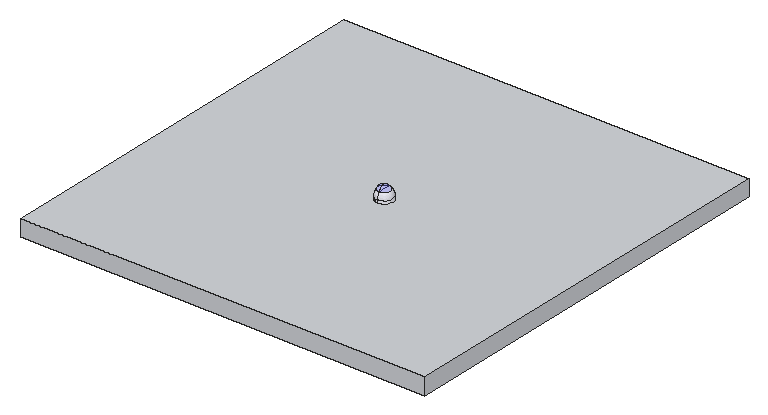
Revit family "BEG-92883", category Dispositifs d'éclairage, Revit 2015
Parameters
  Detection zone [instance] = yes
  Seat area [instance] = Height position < 351 cm  # yes
  URL = "http://www.luxomat.com/en-92883"
  Type of output = "KNX"
  Ambiant temperature = "-25°C to +50°C"
  Ref = "92883"
  Relay = "0"
  Height position [instance] = 250 cm
  Direct Range [instance] = Height position * 3.2  # 800 cm
  Transversal range [instance] = Height position * 9.6  # 2400 cm
  Modèle = "PD4-KNX-SM"
  Installation type = "Ceiling"
  Brand = "LUXOMAT"
  Image du type = 92580.jpg
  IP = "20"
  Mounting height max = Installation height max  # 350 cm
  Installation height max = 350 cm
  Fabricant = "B.E.G"
  Label [instance] = yes
  Default Elevation = 0 cm
  Consumption = "7mA"
  Commentaires du type = "Occupancy detector PD4-KNX-SM"
  Code d'assemblage = "D5010200"
  Class = "2"
  Switching power LED = "0"
  Switching power Cos ɸ =1 = "0"
  Switching power Cos ɸ =0.5 = "0"
  Power voltage = "24 V DC BUS"
  Seated activity [instance] = Height position * 2.56  # 640 cm
Reference planes (cm)
  plane 1 "Centre (avant/arrière)": y = 0
  plane 2: z = 0
  plane 3 "Centre (gauche/droite)": x = 0
Forms (cm)
  Extrusion 1, solid
    sketch origin (0, 0, 0) x (1, 0, 0) y (0, 1, 0)
      loop
        line (-121.92, 121.92) -> (-121.92, -121.92) -> (121.92, -121.92) -> (121.92, 121.92) -> (-121.92, 121.92)
    from 0 to -10
Dimensions and locks (cm)
  aligned and locked: plane 2 to Extrusion 1
  aligned and locked: level to Extrusion 1
  aligned and locked: nested 2 to plane 2
Nested families (cm)
  nested 1: "Famille1" at (0, -72.6659, 0) x (-1, 0, 0) z (0, 0, 1), reference <- "Ref", modele <- "Modèle", visible <- "Label", type "Famille1"
    with reference "92883", modele "PD4-KNX-SM"
  nested 2: "M14" at (0, 0, 0), type "Standard"
  nested 3: "zone H" at (0, 0, 0) x (-1, 0, 0) z (0, 0, 1), visible <- "Detection zone", biais <- "Transversal range", frontal <- "Direct Range", activité assise <- "Seated activity", Zone assise <- "Seat area", type "zone H"
    with position 2 320 cm, position 1 960 cm, frontal 800 cm, biais 2400 cm, activité assise 640 cm, Zone assise yes
  nested 4: "Plafond 360° 2D" at (0, 0, 0), type "Plafond 360° 2D"
Connectors (cm)
  electrical at (0, 0, 0)
    settings: on nested 2, index 1, voltage 24 V, apparent load 0 VA, apparent load phase1 0 VA, apparent load phase2 0 VA, apparent load phase3 0 VA, power factor 1, load classification "Eclairage", number of poles 1, system type 31, power factor state 1, is connector primary yes, connector utility no, sub classification motor no, connector description ""
Definition of nested family "M14"
  Reference planes (cm)
    plane 1 "Centre (avant/arrière)": y = 0
    plane 2: z = 0
    plane 3 "Centre (gauche/droite)": x = 0
    plane 4: x = 0
  Forms (cm)
    Revolve 1, solid
      sketch origin (0, 0, 0) x (0, -1, 0) y (0, 0, 1)
        loop
          line (0, 0) -> (0, 5) -> (-3.8, 5)
          arc (-3.8, 5) -> (-4.577, 3.2225) -> (-4.8363, 1.3) r 7
          line (-4.8363, 1.3) -> (-4.9363, 1.3) -> (-5.05, 0) -> (0, 0)
        axis (0, 0) -> (0, 5)
      angle from 0 to 360
    Revolve 2, solid
      sketch origin (0, 0, 0) x (0, -1, 0) y (0, 0, 1)
        loop
          arc (0, 7.6) -> (-2.2816, 6.8864) -> (-3.75, 5) r 4.0043
          line (-3.75, 5) -> (0, 5) -> (0, 7.6)
        axis (0, 5) -> (0, 7.6)
      angle from 0 to 360
  Lines and regions (cm)
    reference lines
      curve 1: line (0, 0, 0) -> (0, 0, 7.6)
      curve 2: line (0, 0, 5) -> (0, 3.8, 5)
      curve 3: arc (0, 3.8, 5) -> (0, 4.577, 3.2225) -> (0, 4.8363, 1.3) r 7
      curve 4: line (0, 4.9363, 1.3) -> (0, 4.8363, 1.3)
      curve 5: line (0, 5.05, 0) -> (0, 4.9363, 1.3)
      curve 6: line (0, 0, 0) -> (0, 5.05, 0)
      curve 7: arc (0, 0, 7.6) -> (0, 2.2816, 6.8864) -> (0, 3.75, 5) r 4.0043
      curve 8: line (0, 3.75, 5) -> (0, 0, 5)
      curve 9: line (0, 0, 7.6) -> (0, 0, 5)
      curve 10: line (0, 0, 0) -> (0, 0, 7.6)
  Dimensions and locks (cm)
    aligned and locked: level to plane 2
    aligned and locked: Revolve 1 sketch curve to curve 1  (x2)
    aligned and locked: Revolve 1 sketch curve to curve 2
    aligned and locked: Revolve 1 sketch curve to curve 3
    aligned and locked: Revolve 1 sketch curve to curve 4
    aligned and locked: Revolve 1 sketch curve to curve 5
    aligned and locked: Revolve 1 sketch curve to curve 6
    aligned and locked: Revolve 2 sketch curve to curve 7
    aligned and locked: Revolve 2 sketch curve to curve 8
    aligned and locked: Revolve 2 sketch curve to curve 9
    aligned and locked: Revolve 2 sketch curve to curve 10
Definition of nested family "Famille1"
  Parameters (values of type "Famille1")
    reference [instance] = ""
    modele [instance] = ""
  Reference planes (cm)
    plane 1: y = 0
    plane 2: x = 0
  Text (cm)
    label "reference\n\nmodele" at (0.0074, 0.0451, 0), shows "reference", "modele"
Definition of nested family "zone H"
  Parameters (values of type "zone H")
    position 2 [instance] = (frontal / 2) * 0.8  # 320 cm
    position 1 [instance] = (biais / 2) * 0.8  # 960 cm
    frontal [instance] = 800 cm
    biais [instance] = 2400 cm
    activité assise [instance] = 640 cm
    Zone assise [instance] = yes
  Reference planes (cm)
    plane 1 "Centre (avant/arrière)": y = 0
    plane 2: z = 0
    plane 3 "Centre (gauche/droite)": x = 0
    plane 4: x = -960
    plane 5: y = -320
  Lines and regions (cm)
    detail lines, in view "Niveau de réf.", visible <- "Zone assise"
      curve 1: circle (0, 0, 0) r 320 normal (0, 0, 1)
      curve 4: spline (-105.2767, 3.2118, 0) -> (-104.9106, 3.0586, 0) -> (-103.8375, 2.9158, 0) -> (-102.1303, 2.7932, 0) -> (-99.9055, 2.6991, 0) -> (-97.3146, 2.6399, 0) -> (-94.5343, 2.6198, 0) -> (-91.7539, 2.6399, 0) -> (-89.163, 2.6991, 0) -> (-86.9382, 2.7932, 0) -> (-85.231, 2.9158, 0) -> (-84.1579, 3.0586, 0) -> (-83.7918, 3.2118, 0) -> (-84.1579, 3.365, 0) -> (-85.231, 3.5078, 0) -> (-86.9382, 3.6305, 0) -> (-89.163, 3.7245, 0) -> (-91.7539, 3.7837, 0) -> (-94.5343, 3.8039, 0) -> (-97.3146, 3.7837, 0) -> (-99.9055, 3.7245, 0) -> (-102.1303, 3.6305, 0) -> (-103.8375, 3.5078, 0) -> (-104.9106, 3.365, 0) -> (-105.2767, 3.2118, 0)
      curve 5: line (-105.2767, 3.2118, 0) -> (-103.7271, 3.5181, 0)
      curve 6: arc (-102.6495, -16.5888, 0) -> (-107.2915, -17.186, 0) -> (-111.6311, -18.9388, 0) r 18.3388
      curve 7: arc (-111.6311, -18.9388, 0) -> (-111.6982, -19.0046, 0) -> (-111.7229, -19.0953, 0) r 0.1799
      curve 8: arc (-102.4571, -17.1805, 0) -> (-106.7473, -17.5804, 0) -> (-110.8538, -18.8852, 0) r 20.1051
      curve 9: arc (-110.8538, -18.8852, 0) -> (-111.0396, -18.979, 0) -> (-111.2122, -19.0953, 0) r 1.6679
      curve 10: circle (-111.4676, -19.8292, 0) r 0.5096 normal (0, 0, 1)
      curve 11: arc (-110.898, -19.8292, 0) -> (-111.4676, -19.2597, 0) -> (-112.0372, -19.8292, 0) r 0.5696
      curve 12: arc (-110.838, -19.8292, 0) -> (-111.4676, -19.1997, 0) -> (-112.0972, -19.8292, 0) r 0.6296
      curve 13: arc (-86.4191, -16.5888, 0) -> (-81.7771, -17.186, 0) -> (-77.4374, -18.9388, 0) r 18.3388
      curve 14: arc (-77.4374, -18.9388, 0) -> (-77.3704, -19.0046, 0) -> (-77.3456, -19.0953, 0) r 0.1799
      curve 15: arc (-86.6114, -17.1805, 0) -> (-82.3212, -17.5804, 0) -> (-78.2147, -18.8852, 0) r 20.1051
      curve 16: arc (-78.2147, -18.8852, 0) -> (-78.0289, -18.979, 0) -> (-77.8563, -19.0953, 0) r 1.6679
      curve 17: circle (-77.6009, -19.8292, 0) r 0.5096 normal (0, 0, 1)
      curve 18: arc (-77.0314, -19.8292, 0) -> (-77.6009, -19.2597, 0) -> (-78.1705, -19.8292, 0) r 0.5696
      curve 19: arc (-76.9714, -19.8292, 0) -> (-77.6009, -19.1997, 0) -> (-78.2305, -19.8292, 0) r 0.6296
      curve 20: arc (-95.2593, -16.5888, 0) -> (-98.9871, -17.441, 0) -> (-102.5056, -18.9388, 0) r 21.5424
      curve 21: arc (-102.5056, -18.9388, 0) -> (-102.5726, -19.0046, 0) -> (-102.5974, -19.0953, 0) r 0.1799
      curve 22: arc (-95.2593, -17.1805, 0) -> (-98.5536, -17.8061, 0) -> (-101.7283, -18.8852, 0) r 23.9713
      curve 23: arc (-101.7283, -18.8852, 0) -> (-101.911, -18.9772, 0) -> (-102.081, -19.0909, 0) r 1.6679
      curve 24: arc (-95.0229, -17.1805, 0) -> (-98.2689, -17.8294, 0) -> (-101.4063, -18.8852, 0) r 26.0219
      curve 25: arc (-101.4063, -18.8852, 0) -> (-101.592, -18.979, 0) -> (-101.7647, -19.0953, 0) r 1.6679
      curve 26: circle (-102.181, -19.8292, 0) r 0.5096 normal (0, 0, 1)
      curve 27: arc (-101.6114, -19.8292, 0) -> (-102.181, -19.2597, 0) -> (-102.7506, -19.8292, 0) r 0.5696
      curve 28: arc (-101.5514, -19.8292, 0) -> (-102.181, -19.1997, 0) -> (-102.8106, -19.8292, 0) r 0.6296
      curve 29: arc (-93.8092, -16.5888, 0) -> (-90.0814, -17.441, 0) -> (-86.5629, -18.9388, 0) r 21.5424
      curve 30: arc (-86.5629, -18.9388, 0) -> (-86.4959, -19.0046, 0) -> (-86.4711, -19.0953, 0) r 0.1799
      curve 31: arc (-93.8092, -17.1805, 0) -> (-90.5149, -17.8061, 0) -> (-87.3402, -18.8852, 0) r 23.9713
      curve 32: arc (-87.3402, -18.8852, 0) -> (-87.1544, -18.979, 0) -> (-86.9818, -19.0953, 0) r 1.6679
      curve 33: arc (-94.0457, -17.1805, 0) -> (-90.7996, -17.8294, 0) -> (-87.6622, -18.8852, 0) r 26.0219
      curve 34: arc (-87.6622, -18.8852, 0) -> (-87.4765, -18.979, 0) -> (-87.3039, -19.0953, 0) r 1.6679
      curve 35: circle (-86.8875, -19.8292, 0) r 0.5096 normal (0, 0, 1)
      curve 36: arc (-86.3179, -19.8292, 0) -> (-86.8875, -19.2597, 0) -> (-87.4571, -19.8292, 0) r 0.5696
      curve 37: arc (-86.2579, -19.8292, 0) -> (-86.8875, -19.1997, 0) -> (-87.5171, -19.8292, 0) r 0.6296
      curve 38: arc (-103.0079, 8.8705, 0) -> (-101.8776, 5.8173, 0) -> (-98.8653, 4.5819, 0) r 4.0512
      curve 39: arc (-83.7186, 4.2269, 0) -> (-82.9538, 3.7817, 0) -> (-82.7946, 2.9112, 0) r 1.0582
      curve 40: arc (-82.7946, 2.9112, 0) -> (-84.0889, -6.227, 0) -> (-84.0703, -15.4564, 0) r 64.7189
      curve 41: arc (-84.0703, -15.4564, 0) -> (-83.933, -16.0031, 0) -> (-83.4527, -16.2981, 0) r 0.7467
      curve 42: arc (-83.4527, -16.2981, 0) -> (-80.3714, -16.8717, 0) -> (-77.238, -16.9405, 0) r 19.3577
      curve 43: arc (-77.238, -16.9405, 0) -> (-77.6363, -16.4391, 0) -> (-78.2461, -16.244, 0) r 1.1013
      curve 44: arc (-78.2461, -16.244, 0) -> (-80.4274, -15.8096, 0) -> (-82.5587, -15.1742, 0) r 23.8747
      curve 45: arc (-82.5587, -15.1742, 0) -> (-81.6045, -6.5488, 0) -> (-80.848, 2.0961, 0) r 379.1961
      curve 46: arc (-80.848, 2.0961, 0) -> (-81.0708, 4.8418, 0) -> (-83.0581, 6.7494, 0) r 3.8846
      curve 47: arc (-83.0581, 6.7494, 0) -> (-89.2141, 8.8147, 0) -> (-95.6542, 9.6431, 0) r 33.2193
      curve 48: arc (-95.6542, 9.6431, 0) -> (-94.8516, 17.305, 0) -> (-94.8609, 25.0089, 0) r 72.9952
      curve 49: arc (-95.1116, 28.28, 0) -> (-95.2196, 29.2958, 0) -> (-95.3418, 30.31, 0) r 72.9952
      curve 50: arc (-98.1747, 30.0752, 0) -> (-100.3426, 29.2913, 0) -> (-99.4886, 27.1501, 0) r 1.6042
      curve 51: arc (-95.3418, 30.31, 0) -> (-98.7298, 32.2574, 0) -> (-102.1179, 30.31, 0) r 3.9209
      curve 52: arc (-68.8418, 20.3177, 0) -> (-68.8537, 20.2265, 0) -> (-68.9411, 20.2549, 0) r 0.0597
      curve 53: arc (-70.9776, 20.5408, 0) -> (-70.9496, 20.3832, 0) -> (-71.1082, 20.3621, 0) r 0.1108
      curve 54: spline (-98.8908, 41.6409, 0) -> (-97.9793, 41.5103, 0) -> (-97.1229, 41.0855, 0) -> (-96.38, 40.3954, 0) -> (-95.8012, 39.4871, 0) -> (-95.426, 38.4224, 0) -> (-95.2799, 37.274, 0) -> (-95.3728, 36.12, 0) -> (-95.6985, 35.0392, 0) -> (-96.2348, 34.1051, 0) -> (-96.945, 33.3815, 0) -> (-97.7809, 32.9176, 0) -> (-98.6854, 32.7451, 0) -> (-99.5969, 32.8757, 0) -> (-100.4532, 33.3005, 0) -> (-101.1961, 33.9906, 0) -> (-101.7749, 34.8989, 0) -> (-102.1502, 35.9636, 0) -> (-102.2963, 37.112, 0) -> (-102.2033, 38.266, 0) -> (-101.8776, 39.3468, 0) -> (-101.3414, 40.2809, 0) -> (-100.6311, 41.0045, 0) -> (-99.7953, 41.4684, 0) -> (-98.8908, 41.6409, 0)
      curve 55: line (-74.1608, -20.3388, 0) -> (-33.3759, -20.3388, 0)
      curve 56: line (-33.3759, -20.3388, 0) -> (-33.3759, 18.6681, 0)
      curve 57: line (-33.3759, 18.6681, 0) -> (-74.1608, 18.6681, 0)
      curve 58: line (-74.1608, 18.6681, 0) -> (-74.1608, -20.3388, 0)
      curve 59: line (-74.1608, -20.3388, 0) -> (-120.7181, -20.3388, 0)
      curve 60: line (-80.1025, 18.6681, 0) -> (-27.4342, 18.6681, 0)
      curve 61: line (-27.4342, 18.6681, 0) -> (-27.4342, 20.1345, 0)
      curve 62: line (-27.4342, 20.1345, 0) -> (-80.1025, 20.1345, 0)
      curve 63: line (-80.1025, 20.1345, 0) -> (-80.1025, 18.6681, 0)
      curve 64: line (-95.5223, 2.6198, 0) -> (-93.5462, 2.6198, 0)
      curve 65: line (-93.5462, 2.6198, 0) -> (-93.5462, -16.5888, 0)
      curve 66: line (-93.5462, -16.5888, 0) -> (-95.5223, -16.5888, 0)
      curve 67: line (-95.5223, -16.5888, 0) -> (-95.5223, 2.6198, 0)
      curve 68: line (-95.5223, -16.5888, 0) -> (-102.6495, -16.5888, 0)
      curve 69: line (-111.7229, -19.0953, 0) -> (-111.2122, -19.0953, 0)
      curve 70: line (-93.8092, -16.5888, 0) -> (-94.0457, -17.1805, 0)
      curve 71: line (-94.0457, -17.1805, 0) -> (-93.8092, -17.1805, 0)
      curve 72: line (-93.8092, -17.1805, 0) -> (-94.5343, -17.1805, 0)
      curve 73: line (-94.5343, -17.1805, 0) -> (-95.2593, -17.1805, 0)
      curve 74: line (-95.2593, -17.1805, 0) -> (-95.0229, -17.1805, 0)
      curve 75: line (-95.0229, -17.1805, 0) -> (-95.2593, -16.5888, 0)
      curve 76: line (-98.1226, -17.1805, 0) -> (-102.4571, -17.1805, 0)
      curve 77: line (-112.0372, -19.8292, 0) -> (-112.0972, -19.8292, 0)
      curve 78: line (-110.898, -19.8292, 0) -> (-110.838, -19.8292, 0)
      curve 79: line (-111.3676, -19.2076, 0) -> (-111.3676, -19.0953, 0)
      curve 80: line (-111.5676, -19.2076, 0) -> (-111.5676, -19.0953, 0)
      curve 81: line (-93.5462, -16.5888, 0) -> (-86.4191, -16.5888, 0)
      curve 82: line (-77.3456, -19.0953, 0) -> (-77.8563, -19.0953, 0)
      curve 83: line (-90.9459, -17.1805, 0) -> (-86.6114, -17.1805, 0)
      curve 84: line (-77.0314, -19.8292, 0) -> (-76.9714, -19.8292, 0)
      curve 85: line (-78.1705, -19.8292, 0) -> (-78.2305, -19.8292, 0)
      curve 86: line (-77.7009, -19.2076, 0) -> (-77.7009, -19.0953, 0)
      curve 87: line (-77.5009, -19.2076, 0) -> (-77.5009, -19.0953, 0)
      curve 88: line (-102.5974, -19.0953, 0) -> (-101.7647, -19.0953, 0)
      curve 89: line (-102.7506, -19.8292, 0) -> (-102.8106, -19.8292, 0)
      curve 90: line (-101.6114, -19.8292, 0) -> (-101.5514, -19.8292, 0)
      curve 91: line (-102.081, -19.2076, 0) -> (-102.081, -19.0909, 0)
      curve 92: line (-102.281, -19.2076, 0) -> (-102.281, -19.0953, 0)
      curve 93: line (-86.4711, -19.0953, 0) -> (-87.3039, -19.0953, 0)
      curve 94: line (-86.3179, -19.8292, 0) -> (-86.2579, -19.8292, 0)
      curve 95: line (-87.4571, -19.8292, 0) -> (-87.5171, -19.8292, 0)
      curve 96: line (-86.9875, -19.2076, 0) -> (-86.9875, -19.0953, 0)
      curve 97: line (-86.7875, -19.2076, 0) -> (-86.7875, -19.0953, 0)
      curve 98: line (-98.8653, 4.5819, 0) -> (-83.7186, 4.2269, 0)
      curve 99: line (-103.0079, 8.8705, 0) -> (-102.1179, 30.31, 0)
      curve 100: line (-98.1747, 30.0752, 0) -> (-85.3255, 22.5448, 0)
      curve 101: line (-85.3255, 22.5448, 0) -> (-74.2929, 21.667, 0)
      curve 102: line (-74.2929, 21.667, 0) -> (-71.6033, 21.7219, 0)
      curve 103: line (-71.6033, 21.7219, 0) -> (-69.7371, 21.2829, 0)
      curve 104: line (-69.7371, 21.2829, 0) -> (-68.8418, 20.3177, 0)
      curve 105: line (-68.9411, 20.2549, 0) -> (-69.7808, 21.0896, 0)
      curve 106: line (-69.7808, 21.0896, 0) -> (-71.6115, 21.2989, 0)
      curve 107: line (-71.6115, 21.2989, 0) -> (-72.0159, 21.0248, 0)
      curve 108: line (-72.0159, 21.0248, 0) -> (-70.9776, 20.5408, 0)
      curve 109: line (-71.1082, 20.3621, 0) -> (-72.6656, 20.8949, 0)
      curve 110: line (-72.6656, 20.8949, 0) -> (-74.496, 20.6558, 0)
      curve 111: line (-74.496, 20.6558, 0) -> (-86.0144, 20.9158, 0)
      curve 112: line (-86.0144, 20.9158, 0) -> (-99.4886, 27.1501, 0)
      curve 113: line (-99.8644, 32.9741, 0) -> (-99.9944, 32.0479, 0)
      curve 114: line (-97.5142, 33.0301, 0) -> (-97.3718, 32.0147, 0)
      curve 115: line (-33.3759, -20.3388, 0) -> (-21.8014, -20.3388, 0)
    detail lines, in view "Niveau de réf."
      curve 2: circle (0, 0, 0) r 400 normal (0, 0, 1)
      curve 3: circle (0, 0, 0) r 1200 normal (0, 0, 1)
      curve 116: spline (2.3068, -347.7265, 0) -> (4.0856, -347.3949, 0) -> (5.7432, -346.4226, 0) -> (7.1667, -344.876, 0) -> (8.2589, -342.8603, 0) -> (8.9455, -340.5131, 0) -> (9.1797, -337.9942, 0) -> (8.9455, -335.4753, 0) -> (8.2589, -333.1281, 0) -> (7.1667, -331.1125, 0) -> (5.7432, -329.5658, 0) -> (4.0856, -328.5936, 0) -> (2.3068, -328.262, 0) -> (0.5279, -328.5936, 0) -> (-1.1297, -329.5658, 0) -> (-2.5531, -331.1125, 0) -> (-3.6453, -333.1281, 0) -> (-4.3319, -335.4753, 0) -> (-4.5661, -337.9942, 0) -> (-4.3319, -340.5131, 0) -> (-3.6453, -342.8603, 0) -> (-2.5531, -344.876, 0) -> (-1.1297, -346.4226, 0) -> (0.5279, -347.3949, 0) -> (2.3068, -347.7265, 0)
      curve 117: line (-4.7649, -335.0929, 0) -> (0.5136, -347.9212, 0)
      curve 118: line (3.5648, -348.0775, 0) -> (9.2455, -334.5266, 0)
      curve 119: line (-0.3759, -328.4588, 0) -> (-3.0011, -330.8806, 0)
      curve 120: line (3.5053, -348.5045, 0) -> (6.62, -348.3756, 0)
      curve 121: line (1.7304, -348.3525, 0) -> (3.5053, -348.5045, 0)
      curve 122: line (-4.7649, -335.0929, 0) -> (0.5136, -347.9212, 0)
      curve 123: line (-21.1936, -335.3894, 0) -> (-24.4202, -337.3623, 0)
      curve 124: line (-21.1936, -335.3894, 0) -> (-24.4202, -337.3623, 0)
      curve 125: line (-0.3759, -328.4588, 0) -> (-3.0011, -330.8806, 0)
      curve 126: line (1.7304, -348.3525, 0) -> (6.62, -348.3756, 0)
      curve 127: line (3.5648, -348.0775, 0) -> (9.2455, -334.5266, 0)
      curve 128: line (0, -320, 0) -> (0, -289.0788, 0)
      curve 129: line (0, -289.0788, 0) -> (0, -280.7814, 0)
      curve 130: spline (-957.6932, -27.7265, 0) -> (-955.9144, -27.3949, 0) -> (-954.2568, -26.4226, 0) -> (-952.8333, -24.876, 0) -> (-951.7411, -22.8603, 0) -> (-951.0545, -20.5131, 0) -> (-950.8203, -17.9942, 0) -> (-951.0545, -15.4753, 0) -> (-951.7411, -13.1281, 0) -> (-952.8333, -11.1125, 0) -> (-954.2568, -9.5658, 0) -> (-955.9144, -8.5936, 0) -> (-957.6932, -8.262, 0) -> (-959.4721, -8.5936, 0) -> (-961.1297, -9.5658, 0) -> (-962.5531, -11.1125, 0) -> (-963.6453, -13.1281, 0) -> (-964.3319, -15.4753, 0) -> (-964.5661, -17.9942, 0) -> (-964.3319, -20.5131, 0) -> (-963.6453, -22.8603, 0) -> (-962.5531, -24.876, 0) -> (-961.1297, -26.4226, 0) -> (-959.4721, -27.3949, 0) -> (-957.6932, -27.7265, 0)
      curve 131: line (-964.7649, -15.0929, 0) -> (-959.4864, -27.9212, 0)
      curve 132: line (-956.4352, -28.0775, 0) -> (-950.7545, -14.5266, 0)
      curve 133: line (-960.3759, -8.4588, 0) -> (-963.0011, -10.8806, 0)
      curve 134: line (-956.4947, -28.5045, 0) -> (-953.38, -28.3756, 0)
      curve 135: line (-958.2696, -28.3525, 0) -> (-956.4947, -28.5045, 0)
      curve 136: line (-964.7649, -15.0929, 0) -> (-959.4864, -27.9212, 0)
      curve 137: line (-981.1936, -15.3894, 0) -> (-984.4202, -17.3623, 0)
      curve 138: line (-981.1936, -15.3894, 0) -> (-984.4202, -17.3623, 0)
      curve 139: line (-960.3759, -8.4588, 0) -> (-963.0011, -10.8806, 0)
      curve 140: line (-958.2696, -28.3525, 0) -> (-953.38, -28.3756, 0)
      curve 141: line (-956.4352, -28.0775, 0) -> (-950.7545, -14.5266, 0)
      curve 142: line (-960, 0, 0) -> (-960, 30.9212, 0)
      curve 143: line (-960, 30.9212, 0) -> (-960, 39.2186, 0)
    detail lines, in view "Niveau de réf.", visible <- "Zone assise", not visible
      curve 144: spline (925.976, -22.5654, 0) -> (926.342, -22.7186, 0) -> (927.4152, -22.8614, 0) -> (929.1224, -22.984, 0) -> (931.3472, -23.0781, 0) -> (933.938, -23.1373, 0) -> (936.7184, -23.1574, 0) -> (939.4987, -23.1373, 0) -> (942.0896, -23.0781, 0) -> (944.3144, -22.984, 0) -> (946.0216, -22.8614, 0) -> (947.0948, -22.7186, 0) -> (947.4608, -22.5654, 0) -> (947.0948, -22.4122, 0) -> (946.0216, -22.2694, 0) -> (944.3144, -22.1467, 0) -> (942.0896, -22.0527, 0) -> (939.4987, -21.9935, 0) -> (936.7184, -21.9733, 0) -> (933.938, -21.9935, 0) -> (931.3472, -22.0527, 0) -> (929.1224, -22.1467, 0) -> (927.4152, -22.2694, 0) -> (926.342, -22.4122, 0) -> (925.976, -22.5654, 0)
      curve 145: line (925.976, -22.5654, 0) -> (927.5256, -22.2591, 0)
      curve 146: arc (928.6032, -42.366, 0) -> (923.9612, -42.9632, 0) -> (919.6215, -44.716, 0) r 18.3388
      curve 147: arc (919.6215, -44.716, 0) -> (919.5545, -44.7818, 0) -> (919.5297, -44.8725, 0) r 0.1799
      curve 148: arc (928.7956, -42.9577, 0) -> (924.5053, -43.3576, 0) -> (920.3988, -44.6624, 0) r 20.1051
      curve 149: arc (920.3988, -44.6624, 0) -> (920.213, -44.7562, 0) -> (920.0404, -44.8725, 0) r 1.6679
      curve 150: circle (919.7851, -45.6065, 0) r 0.5096 normal (0, 0, 1)
      curve 151: arc (920.3547, -45.6065, 0) -> (919.7851, -45.0369, 0) -> (919.2155, -45.6065, 0) r 0.5696
      curve 152: arc (920.4147, -45.6065, 0) -> (919.7851, -44.9769, 0) -> (919.1555, -45.6065, 0) r 0.6296
      curve 153: arc (944.8336, -42.366, 0) -> (949.4756, -42.9632, 0) -> (953.8152, -44.716, 0) r 18.3388
      curve 154: arc (953.8152, -44.716, 0) -> (953.8823, -44.7818, 0) -> (953.907, -44.8725, 0) r 0.1799
      curve 155: arc (944.6412, -42.9577, 0) -> (948.9315, -43.3576, 0) -> (953.038, -44.6624, 0) r 20.1051
      curve 156: arc (953.038, -44.6624, 0) -> (953.2237, -44.7562, 0) -> (953.3964, -44.8725, 0) r 1.6679
      curve 157: circle (953.6517, -45.6065, 0) r 0.5096 normal (0, 0, 1)
      curve 158: arc (954.2213, -45.6065, 0) -> (953.6517, -45.0369, 0) -> (953.0821, -45.6065, 0) r 0.5696
      curve 159: arc (954.2813, -45.6065, 0) -> (953.6517, -44.9769, 0) -> (953.0221, -45.6065, 0) r 0.6296
      curve 160: arc (935.9933, -42.366, 0) -> (932.2655, -43.2182, 0) -> (928.7471, -44.716, 0) r 21.5424
      curve 161: arc (928.7471, -44.716, 0) -> (928.68, -44.7818, 0) -> (928.6553, -44.8725, 0) r 0.1799
      curve 162: arc (935.9933, -42.9577, 0) -> (932.6991, -43.5833, 0) -> (929.5243, -44.6624, 0) r 23.9713
      curve 163: arc (929.5243, -44.6624, 0) -> (929.3417, -44.7544, 0) -> (929.1716, -44.8681, 0) r 1.6679
      curve 164: arc (936.2298, -42.9577, 0) -> (932.9838, -43.6066, 0) -> (929.8464, -44.6624, 0) r 26.0219
      curve 165: arc (929.8464, -44.6624, 0) -> (929.6606, -44.7562, 0) -> (929.488, -44.8725, 0) r 1.6679
      curve 166: circle (929.0716, -45.6065, 0) r 0.5096 normal (0, 0, 1)
      curve 167: arc (929.6412, -45.6065, 0) -> (929.0716, -45.0369, 0) -> (928.502, -45.6065, 0) r 0.5696
      curve 168: arc (929.7012, -45.6065, 0) -> (929.0716, -44.9769, 0) -> (928.442, -45.6065, 0) r 0.6296
      curve 169: arc (937.4435, -42.366, 0) -> (941.1713, -43.2182, 0) -> (944.6897, -44.716, 0) r 21.5424
      curve 170: arc (944.6897, -44.716, 0) -> (944.7568, -44.7818, 0) -> (944.7815, -44.8725, 0) r 0.1799
      curve 171: arc (937.4435, -42.9577, 0) -> (940.7377, -43.5833, 0) -> (943.9124, -44.6624, 0) r 23.9713
      curve 172: arc (943.9124, -44.6624, 0) -> (944.0982, -44.7562, 0) -> (944.2708, -44.8725, 0) r 1.6679
      curve 173: arc (937.207, -42.9577, 0) -> (940.453, -43.6066, 0) -> (943.5904, -44.6624, 0) r 26.0219
      curve 174: arc (943.5904, -44.6624, 0) -> (943.7762, -44.7562, 0) -> (943.9488, -44.8725, 0) r 1.6679
      curve 175: circle (944.3651, -45.6065, 0) r 0.5096 normal (0, 0, 1)
      curve 176: arc (944.9347, -45.6065, 0) -> (944.3651, -45.0369, 0) -> (943.7956, -45.6065, 0) r 0.5696
      curve 177: arc (944.9947, -45.6065, 0) -> (944.3651, -44.9769, 0) -> (943.7356, -45.6065, 0) r 0.6296
      curve 178: arc (928.2447, -16.9067, 0) -> (929.3751, -19.9599, 0) -> (932.3873, -21.1953, 0) r 4.0512
      curve 179: arc (947.5341, -21.5503, 0) -> (948.2989, -21.9955, 0) -> (948.4581, -22.866, 0) r 1.0582
      curve 180: arc (948.4581, -22.866, 0) -> (947.1637, -32.0042, 0) -> (947.1824, -41.2336, 0) r 64.7189
      curve 181: arc (947.1824, -41.2336, 0) -> (947.3196, -41.7803, 0) -> (947.8, -42.0753, 0) r 0.7467
      curve 182: arc (947.8, -42.0753, 0) -> (950.8812, -42.6489, 0) -> (954.0146, -42.7177, 0) r 19.3577
      curve 183: arc (954.0146, -42.7177, 0) -> (953.6164, -42.2163, 0) -> (953.0065, -42.0212, 0) r 1.1013
      curve 184: arc (953.0065, -42.0212, 0) -> (950.8253, -41.5868, 0) -> (948.6939, -40.9514, 0) r 23.8747
      curve 185: arc (948.6939, -40.9514, 0) -> (949.6481, -32.326, 0) -> (950.4047, -23.6811, 0) r 379.1961
      curve 186: arc (950.4047, -23.6811, 0) -> (950.1819, -20.9354, 0) -> (948.1945, -19.0278, 0) r 3.8846
      curve 187: arc (948.1945, -19.0278, 0) -> (942.0386, -16.9625, 0) -> (935.5985, -16.1341, 0) r 33.2193
      curve 188: arc (935.5985, -16.1341, 0) -> (936.4011, -8.4722, 0) -> (936.3918, -0.7683, 0) r 72.9952
      curve 189: arc (936.1411, 2.5028, 0) -> (936.0331, 3.5186, 0) -> (935.9108, 4.5328, 0) r 72.9952
      curve 190: arc (933.0779, 4.298, 0) -> (930.9101, 3.5141, 0) -> (931.7641, 1.3729, 0) r 1.6042
      curve 191: arc (935.9108, 4.5328, 0) -> (932.5228, 6.4802, 0) -> (929.1348, 4.5328, 0) r 3.9209
      curve 192: arc (962.4108, -5.4595, 0) -> (962.3989, -5.5507, 0) -> (962.3115, -5.5223, 0) r 0.0597
      curve 193: arc (960.275, -5.2364, 0) -> (960.303, -5.394, 0) -> (960.1444, -5.4151, 0) r 0.1108
      curve 194: spline (932.3619, 15.8637, 0) -> (933.2734, 15.7331, 0) -> (934.1297, 15.3083, 0) -> (934.8726, 14.6182, 0) -> (935.4514, 13.7099, 0) -> (935.8267, 12.6452, 0) -> (935.9728, 11.4968, 0) -> (935.8798, 10.3428, 0) -> (935.5541, 9.262, 0) -> (935.0179, 8.3279, 0) -> (934.3076, 7.6043, 0) -> (933.4718, 7.1404, 0) -> (932.5673, 6.9679, 0) -> (931.6558, 7.0985, 0) -> (930.7994, 7.5233, 0) -> (930.0565, 8.2134, 0) -> (929.4777, 9.1217, 0) -> (929.1025, 10.1864, 0) -> (928.9564, 11.3348, 0) -> (929.0493, 12.4888, 0) -> (929.375, 13.5696, 0) -> (929.9113, 14.5037, 0) -> (930.6215, 15.2273, 0) -> (931.4574, 15.6912, 0) -> (932.3619, 15.8637, 0)
      curve 195: line (957.0918, -46.116, 0) -> (997.8768, -46.116, 0)
      curve 196: line (997.8768, -46.116, 0) -> (997.8768, -7.1091, 0)
      curve 197: line (997.8768, -7.1091, 0) -> (957.0918, -7.1091, 0)
      curve 198: line (957.0918, -7.1091, 0) -> (957.0918, -46.116, 0)
      curve 199: line (957.0918, -46.116, 0) -> (910.5345, -46.116, 0)
      curve 200: line (951.1501, -7.1091, 0) -> (1003.8185, -7.1091, 0)
      curve 201: line (1003.8185, -7.1091, 0) -> (1003.8185, -5.6427, 0)
      curve 202: line (1003.8185, -5.6427, 0) -> (951.1501, -5.6427, 0)
      curve 203: line (951.1501, -5.6427, 0) -> (951.1501, -7.1091, 0)
      curve 204: line (935.7304, -23.1574, 0) -> (937.7064, -23.1574, 0)
      curve 205: line (937.7064, -23.1574, 0) -> (937.7064, -42.366, 0)
      curve 206: line (937.7064, -42.366, 0) -> (935.7304, -42.366, 0)
      curve 207: line (935.7304, -42.366, 0) -> (935.7304, -23.1574, 0)
      curve 208: line (935.7304, -42.366, 0) -> (928.6032, -42.366, 0)
      curve 209: line (919.5297, -44.8725, 0) -> (920.0404, -44.8725, 0)
      curve 210: line (937.4435, -42.366, 0) -> (937.207, -42.9577, 0)
      curve 211: line (937.207, -42.9577, 0) -> (937.4435, -42.9577, 0)
      curve 212: line (937.4435, -42.9577, 0) -> (936.7184, -42.9577, 0)
      curve 213: line (936.7184, -42.9577, 0) -> (935.9933, -42.9577, 0)
      curve 214: line (935.9933, -42.9577, 0) -> (936.2298, -42.9577, 0)
      curve 215: line (936.2298, -42.9577, 0) -> (935.9933, -42.366, 0)
      curve 216: line (933.13, -42.9577, 0) -> (928.7956, -42.9577, 0)
      curve 217: line (919.2155, -45.6065, 0) -> (919.1555, -45.6065, 0)
      curve 218: line (920.3547, -45.6065, 0) -> (920.4147, -45.6065, 0)
      curve 219: line (919.8851, -44.9848, 0) -> (919.8851, -44.8725, 0)
      curve 220: line (919.6851, -44.9848, 0) -> (919.6851, -44.8725, 0)
      curve 221: line (937.7064, -42.366, 0) -> (944.8336, -42.366, 0)
      curve 222: line (953.907, -44.8725, 0) -> (953.3964, -44.8725, 0)
      curve 223: line (940.3068, -42.9577, 0) -> (944.6412, -42.9577, 0)
      curve 224: line (954.2213, -45.6065, 0) -> (954.2813, -45.6065, 0)
      curve 225: line (953.0821, -45.6065, 0) -> (953.0221, -45.6065, 0)
      curve 226: line (953.5517, -44.9848, 0) -> (953.5517, -44.8725, 0)
      curve 227: line (953.7517, -44.9848, 0) -> (953.7517, -44.8725, 0)
      curve 228: line (928.6553, -44.8725, 0) -> (929.488, -44.8725, 0)
      curve 229: line (928.502, -45.6065, 0) -> (928.442, -45.6065, 0)
      curve 230: line (929.6412, -45.6065, 0) -> (929.7012, -45.6065, 0)
      curve 231: line (929.1716, -44.9848, 0) -> (929.1716, -44.8681, 0)
      curve 232: line (928.9716, -44.9848, 0) -> (928.9716, -44.8725, 0)
      curve 233: line (944.7815, -44.8725, 0) -> (943.9488, -44.8725, 0)
      curve 234: line (944.9347, -45.6065, 0) -> (944.9947, -45.6065, 0)
      curve 235: line (943.7956, -45.6065, 0) -> (943.7356, -45.6065, 0)
      curve 236: line (944.2651, -44.9848, 0) -> (944.2651, -44.8725, 0)
      curve 237: line (944.4651, -44.9848, 0) -> (944.4651, -44.8725, 0)
      curve 238: line (932.3873, -21.1953, 0) -> (947.5341, -21.5503, 0)
      curve 239: line (928.2447, -16.9067, 0) -> (929.1348, 4.5328, 0)
      curve 240: line (933.0779, 4.298, 0) -> (945.9271, -3.2324, 0)
      curve 241: line (945.9271, -3.2324, 0) -> (956.9598, -4.1102, 0)
      curve 242: line (956.9598, -4.1102, 0) -> (959.6493, -4.0553, 0)
      curve 243: line (959.6493, -4.0553, 0) -> (961.5155, -4.4943, 0)
      curve 244: line (961.5155, -4.4943, 0) -> (962.4108, -5.4595, 0)
      curve 245: line (962.3115, -5.5223, 0) -> (961.4719, -4.6876, 0)
      curve 246: line (961.4719, -4.6876, 0) -> (959.6412, -4.4783, 0)
      curve 247: line (959.6412, -4.4783, 0) -> (959.2367, -4.7524, 0)
      curve 248: line (959.2367, -4.7524, 0) -> (960.275, -5.2364, 0)
      curve 249: line (960.1444, -5.4151, 0) -> (958.5871, -4.8823, 0)
      curve 250: line (958.5871, -4.8823, 0) -> (956.7566, -5.1214, 0)
      curve 251: line (956.7566, -5.1214, 0) -> (945.2383, -4.8614, 0)
      curve 252: line (945.2383, -4.8614, 0) -> (931.7641, 1.3729, 0)
      curve 253: line (931.3882, 7.1969, 0) -> (931.2583, 6.2707, 0)
      curve 254: line (933.7384, 7.2529, 0) -> (933.8809, 6.2375, 0)
      curve 255: line (997.8768, -46.116, 0) -> (1009.4512, -46.116, 0)
    detail lines, in view "Niveau de réf.", not visible
      curve 256: spline (630.3724, -48.277, 0) -> (632.1512, -47.9453, 0) -> (633.8088, -46.9731, 0) -> (635.2323, -45.4264, 0) -> (636.3245, -43.4108, 0) -> (637.0111, -41.0636, 0) -> (637.2453, -38.5447, 0) -> (637.0111, -36.0258, 0) -> (636.3245, -33.6786, 0) -> (635.2323, -31.663, 0) -> (633.8088, -30.1163, 0) -> (632.1512, -29.1441, 0) -> (630.3724, -28.8124, 0) -> (628.5935, -29.1441, 0) -> (626.9359, -30.1163, 0) -> (625.5125, -31.663, 0) -> (624.4202, -33.6786, 0) -> (623.7336, -36.0258, 0) -> (623.4995, -38.5447, 0) -> (623.7336, -41.0636, 0) -> (624.4202, -43.4108, 0) -> (625.5125, -45.4264, 0) -> (626.9359, -46.9731, 0) -> (628.5935, -47.9453, 0) -> (630.3724, -48.277, 0)
      curve 257: line (623.3007, -35.6434, 0) -> (628.5792, -48.4717, 0)
      curve 258: line (631.6303, -48.628, 0) -> (637.311, -35.0771, 0)
      curve 259: line (627.6897, -29.0093, 0) -> (625.0645, -31.4311, 0)
      curve 260: line (631.5709, -49.055, 0) -> (634.6856, -48.9261, 0)
      curve 261: line (629.7959, -48.903, 0) -> (631.5709, -49.055, 0)
      curve 262: line (623.3007, -35.6434, 0) -> (628.5792, -48.4717, 0)
      curve 263: line (606.872, -35.9399, 0) -> (603.6454, -37.9127, 0)
      curve 264: line (606.872, -35.9399, 0) -> (603.6454, -37.9127, 0)
      curve 265: line (627.6897, -29.0093, 0) -> (625.0645, -31.4311, 0)
      curve 266: line (629.7959, -48.903, 0) -> (634.6856, -48.9261, 0)
      curve 267: line (631.6303, -48.628, 0) -> (637.311, -35.0771, 0)
      curve 268: line (628.0656, -20.5505, 0) -> (628.0656, 10.3707, 0)
      curve 269: line (628.0656, 10.3707, 0) -> (628.0656, 18.6681, 0)
      curve 270: spline (1030.3724, -260.777, 0) -> (1032.1512, -260.4453, 0) -> (1033.8088, -259.4731, 0) -> (1035.2323, -257.9264, 0) -> (1036.3245, -255.9108, 0) -> (1037.0111, -253.5636, 0) -> (1037.2453, -251.0447, 0) -> (1037.0111, -248.5258, 0) -> (1036.3245, -246.1786, 0) -> (1035.2323, -244.163, 0) -> (1033.8088, -242.6163, 0) -> (1032.1512, -241.6441, 0) -> (1030.3724, -241.3124, 0) -> (1028.5935, -241.6441, 0) -> (1026.9359, -242.6163, 0) -> (1025.5125, -244.163, 0) -> (1024.4202, -246.1786, 0) -> (1023.7336, -248.5258, 0) -> (1023.4995, -251.0447, 0) -> (1023.7336, -253.5636, 0) -> (1024.4202, -255.9108, 0) -> (1025.5125, -257.9264, 0) -> (1026.9359, -259.4731, 0) -> (1028.5935, -260.4453, 0) -> (1030.3724, -260.777, 0)
      curve 271: line (1023.3007, -248.1434, 0) -> (1028.5792, -260.9717, 0)
      curve 272: line (1031.6303, -261.128, 0) -> (1037.311, -247.5771, 0)
      curve 273: line (1027.6897, -241.5093, 0) -> (1025.0645, -243.9311, 0)
      curve 274: line (1031.5709, -261.555, 0) -> (1034.6856, -261.4261, 0)
      curve 275: line (1029.7959, -261.403, 0) -> (1031.5709, -261.555, 0)
      curve 276: line (1023.3007, -248.1434, 0) -> (1028.5792, -260.9717, 0)
      curve 277: line (1006.872, -248.4399, 0) -> (1003.6454, -250.4127, 0)
      curve 278: line (1006.872, -248.4399, 0) -> (1003.6454, -250.4127, 0)
      curve 279: line (1027.6897, -241.5093, 0) -> (1025.0645, -243.9311, 0)
      curve 280: line (1029.7959, -261.403, 0) -> (1034.6856, -261.4261, 0)
      curve 281: line (1031.6303, -261.128, 0) -> (1037.311, -247.5771, 0)
      curve 282: line (1028.0656, -233.0505, 0) -> (1028.0656, -202.1293, 0)
      curve 283: line (1028.0656, -202.1293, 0) -> (1028.0656, -193.8319, 0)
  Text (cm)
    text "2" at (0.4332, -361.3743, 0), in view "Niveau de réf."
    text "1" at (-959.5668, -41.3743, 0), in view "Niveau de réf."
    text "1" at (628.4988, -61.9248, 0), in view "Niveau de réf.", not visible
    text "2" at (1028.4988, -274.4248, 0), in view "Niveau de réf.", not visible
  Dimensions and locks (cm)
    "position 1": plane 4 to plane 3 "Centre (gauche/droite)"
    "position 2": plane 5 to plane 1 "Centre (avant/arrière)"
    "activité assise": diameter of curve 1
    "biais": diameter of curve 3
    "frontal": diameter of curve 2
    aligned and locked: curve 142 to plane 1 "Centre (avant/arrière)"
    aligned and locked: curve 128 to plane 3 "Centre (gauche/droite)"
    aligned and locked: plane 4 to curve 142
    aligned and locked: plane 5 to curve 128
  Automatic sketch dimensions
    curve 1 to curve 2 = 0 cm  (x2)
    curve 1 to curve 3 = 0 cm  (x2)
    curve 2 to curve 3 = 0 cm  (x2)
    plane 1 "Centre (avant/arrière)" to curve 2 = 0 cm
    curve 2 to plane 3 "Centre (gauche/droite)" = 0 cm
Definition of nested family "Plafond 360° 2D"
  Reference planes (cm)
    plane 1: y = 0
    plane 2: x = 0
  Lines and regions (cm)
    Filled region 1, type "rouge"
      outline origin (0, 0, 0) x (1, 0, 0) y (0, 1, 0)
        loop
          circle (0, 0) r 0.0294
    detail lines
      curve 1: arc (-0.1732, 0.1, 0) -> (-0.2, 0, 0) -> (-0.1732, -0.1, 0) r 0.2
      curve 2: arc (-0.1, -0.1732, 0) -> (0, -0.2, 0) -> (0.1, -0.1732, 0) r 0.2
      curve 3: arc (0.1732, -0.1, 0) -> (0.2, 0, 0) -> (0.1732, 0.1, 0) r 0.2
      curve 4: arc (0.1, 0.1732, 0) -> (0, 0.2, 0) -> (-0.1, 0.1732, 0) r 0.2
      curve 5: arc (-0.1375, 0.0794, 0) -> (-0.1588, 0, 0) -> (-0.1375, -0.0794, 0) r 0.1588
      curve 6: arc (-0.0794, -0.1375, 0) -> (0, -0.1588, 0) -> (0.0794, -0.1375, 0) r 0.1588
      curve 7: arc (0.1375, -0.0794, 0) -> (0.1588, 0, 0) -> (0.1375, 0.0794, 0) r 0.1588
      curve 8: arc (0.0794, 0.1375, 0) -> (0, 0.1588, 0) -> (-0.0794, 0.1375, 0) r 0.1588
      curve 9: arc (-0.1019, 0.0588, 0) -> (-0.1176, 0, 0) -> (-0.1019, -0.0588, 0) r 0.1176
      curve 10: arc (-0.0588, -0.1019, 0) -> (0, -0.1176, 0) -> (0.0588, -0.1019, 0) r 0.1176
      curve 11: arc (0.1019, -0.0588, 0) -> (0.1176, 0, 0) -> (0.1019, 0.0588, 0) r 0.1176
      curve 12: arc (0.0588, 0.1019, 0) -> (0, 0.1176, 0) -> (-0.0588, 0.1019, 0) r 0.1176
      curve 13: arc (-0.0294, 0, 0) -> (0, -0.0294, 0) -> (0.0294, 0, 0) r 0.0294
      curve 14: arc (0.0294, 0, 0) -> (0, 0.0294, 0) -> (-0.0294, 0, 0) r 0.0294
